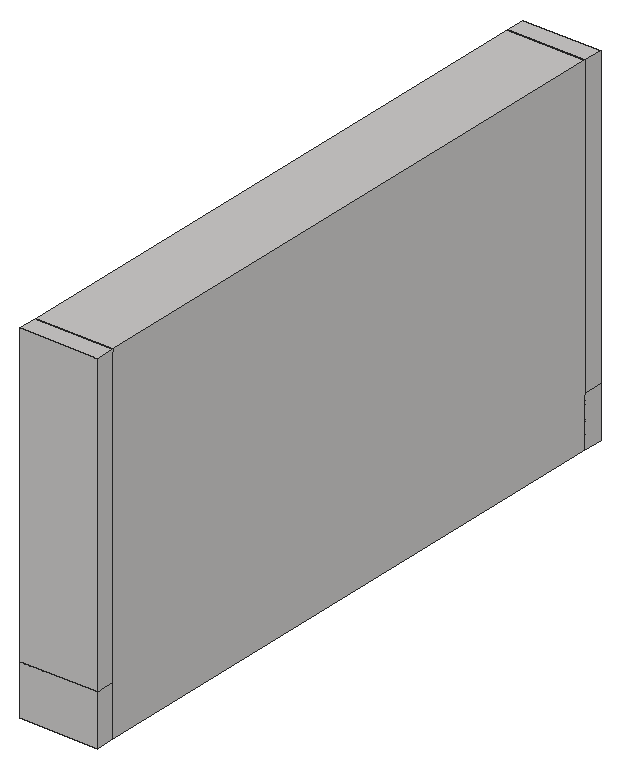
Revit family "QF_ELECTROLUXPROFESSIONAL_588688_MB3ACOAOOO", category Attrezzature speciali, Revit 2020
Family settings
  Quota connettore circolare = Usa diametro
  Tipo di parte = Normale
  Basato su piano di lavoro = No
  Sempre verticale = Sì
  Taglio con vuoti quando caricato = No
  Condiviso = No
  Punto di calcolo locali = No
Parameters (values of type "Standard")
  Weight = 9.00 kg
  Watts = 0 W
  Volts = 0 V
  URL Manufacturer = "https://www.electroluxprofessional.com/"
  URL = "https://www.electroluxprofessional.com/"
  Steam Supply Size = 0"
  Steam Supply Minimum Pressure = 0.00 psi
  Steam Supply Maximum Pressure = 0.00 psi
  Steam Consumption per Hour = 0
  Refrigeration Suction Line Size = 0 mm
  Refrigeration Liquid Line Size = 0 mm
  Refrigerant Compressor Remote = yes
  Prospetto di default = 0 mm
  Phase = 0
  Modello = "MB3ACOAOOO"
  Produttore = "Electrolux Professional"
  Length Actual = 100 mm  # constant formula
  Item Number = "588688"
  Hot Water Size = 0"
  Height Actual = 450 mm  # constant formula
  HP = "0 HP"
  Gas Size = 0"
  Gas KW = 0
  Gas Input Pressure = 0.0 Btu/h
  Direct Waste Size = 0"
  Descrizione = "CLOSED BASE, 100X850X450"
  Depth Actual = 850 mm  # constant formula
  Cycle = 0 Hz
  Condensate Return Size = 0"
  Compressed Air Volume = 0 GPM
  Compressed Air Size = 0"
  Compressed Air Pressure = 0.00 psi
  Cold Water Size = 0"
  Accessory = yes
Reference planes
  plane 1 "BACK": y = 0
  plane 2: z = 0
  plane 3 "LEFT": x = 0
  plane 4 "RIGHT": x = 100
  plane 5 "FRONT": y = -850
  plane 6 "PLAIN": z = 900
  plane 7 "Center (Left/Right)": x = 50
  plane 8 "Center (Front/Back)": y = -425
  plane 9 "TOP": z = 650
  plane 10 "BASE": z = 200
  plane 11: x = 22
  plane 12: x = 78
  plane 13 "Feet_back": y = -150
  plane 14 "Feet_Front": y = -720
  plane 15: x = 0
  plane 16: z = 265
  plane 17: y = -20
  plane 18: y = -805
  plane 19: y = -45
  plane 20: y = -830
Forms (mm)
  Extrusion 1, solid, material "QF_Finishes_Stainless Steel"
    sketch origin (0, 0, 650) x (0, 1, 0) y (0, 0, 1)
      loop
        line (-45, -450) -> (-45, 0) -> (-805, 0) -> (-805, -450) -> (-45, -450)
    from 0 to 100
  Extrusion 2, solid, material "QF_Finishes_Stainless Steel"
    sketch origin (0, 0, 650) x (0, 1, 0) y (0, 0, 1)
      loop
        line (-830, -450) -> (-805, -450) -> (-805, -385) -> (-830, -385) -> (-830, -450)
    from 0 to 100
  Extrusion 3, solid, material "QF_Finishes_Stainless Steel"
    sketch origin (0, 260, 650) x (0, 1, 0) y (0, 0, 1)
      loop
        line (-305, -450) -> (-280, -450) -> (-280, -385) -> (-305, -385) -> (-305, -450)
    from 0 to 100
  Extrusion 4, solid, material "QF_Finishes_Stainless Steel"
    sketch origin (0, 260, 870) x (0, 1, 0) y (0, 0, 1)
      loop
        line (-305, -605) -> (-280, -605) -> (-280, -220) -> (-305, -220) -> (-305, -605)
    from 0 to 100
  Extrusion 5, solid, material "QF_Finishes_Stainless Steel"
    sketch origin (0, 0, 870) x (0, 1, 0) y (0, 0, 1)
      loop
        line (-830, -605) -> (-805, -605) -> (-805, -220) -> (-830, -220) -> (-830, -605)
    from 0 to 100
Lines and regions (mm)
  symbolic lines, style "SpecialityEquipmentHiddenLines"
    curve 1: line (0, 0, 0) -> (100, 0, 0)
    curve 2: line (0, -850, 0) -> (0, 0, 0)
    curve 3: line (100, -850, 0) -> (0, -850, 0)
    curve 4: line (100, 0, 0) -> (100, -850, 0)
Dimensions and locks
  plane 3 "LEFT" to plane 4 "RIGHT" = 100 mm
  plane 5 "FRONT" to plane 1 "BACK" = 850 mm
  equal spacing: plane 3 "LEFT", plane 7 "Center (Left/Right)", plane 4 "RIGHT"
  equal spacing: plane 5 "FRONT", plane 8 "Center (Front/Back)", plane 1 "BACK"
  plane 6 "PLAIN" to plane 9 "TOP" = 250 mm
  plane 10 "BASE" to level = 200 mm
  plane 9 "TOP" to plane 10 "BASE" = 450 mm
  locked: plane 1 "BACK" to plane 13 "Feet_back" at 150
  locked: plane 14 "Feet_Front" to plane 5 "FRONT" at 130
  locked: plane 12 to plane 3 "LEFT" at 78
  locked: plane 11 to plane 4 "RIGHT" at 78
  locked: plane 16 to plane 10 "BASE" at 65
  locked: plane 1 "BACK" to plane 17 at 20
  plane 6 "PLAIN" to level = 900 mm
  locked: plane 17 to plane 19 at 25
  locked: plane 20 to plane 5 "FRONT" at 20
  locked: plane 18 to plane 20 at 25
  plane 17 to plane 20 = 810 mm
  aligned and locked: level to plane 2
  aligned and locked: Extrusion 1 to plane 4 "RIGHT"
  aligned and locked: Extrusion 1 to plane 3 "LEFT"
  aligned and locked: Extrusion 2 to plane 4 "RIGHT"
  aligned and locked: Extrusion 2 to plane 10 "BASE"
  aligned and locked: Extrusion 2 to plane 16
  aligned and locked: Extrusion 2 to plane 18
  aligned and locked: plane 20 to Extrusion 2
  aligned and locked: Extrusion 3 to plane 17
  aligned and locked: Extrusion 3 to Extrusion 1
  aligned and locked: plane 9 "TOP" to Extrusion 4
  aligned and locked: plane 16 to Extrusion 4
  aligned and locked: plane 20 to Extrusion 5
  aligned and locked: Extrusion 5 to plane 18
  aligned and locked: Extrusion 5 to plane 4 "RIGHT"
  aligned and locked: Extrusion 3 to plane 4 "RIGHT"
  aligned and locked: Extrusion 4 to plane 4 "RIGHT"
Automatic sketch dimensions
  curve 3 to plane 3 "LEFT" = 0 mm
  curve 3 to plane 4 "RIGHT" = 0 mm
  plane 5 "FRONT" to curve 3 = 0 mm
  plane 1 "BACK" to curve 2 = 0 mm
  Extrusion 1 sketch curve to plane 10 "BASE" = 0 mm
  Extrusion 1 sketch curve to plane 18 = 0 mm
  Extrusion 1 sketch curve to plane 19 = 0 mm
  Extrusion 1 sketch curve to plane 9 "TOP" = 0 mm
  plane 16 to Extrusion 2 sketch curve = 0 mm
  Extrusion 2 sketch curve to plane 20 = 0 mm
  Extrusion 2 sketch curve to plane 10 "BASE" = 0 mm
  Extrusion 2 sketch curve to plane 18 = 0 mm
  plane 16 to Extrusion 3 sketch curve = 0 mm
  Extrusion 3 sketch curve to plane 19 = 0 mm
  Extrusion 3 sketch curve to plane 10 "BASE" = 0 mm
  Extrusion 3 sketch curve to plane 17 = 0 mm
  Extrusion 4 sketch curve to plane 9 "TOP" = 0 mm
  Extrusion 4 sketch curve to plane 19 = 0 mm
  plane 16 to Extrusion 4 sketch curve = 0 mm
  Extrusion 4 sketch curve to plane 17 = 0 mm
  Extrusion 5 sketch curve to plane 9 "TOP" = 0 mm
  plane 16 to Extrusion 5 sketch curve = 0 mm
  Extrusion 5 sketch curve to plane 8 "Center (Front/Back)" = 405 mm
  Extrusion 5 sketch curve to Extrusion 5 sketch curve = 25 mm
